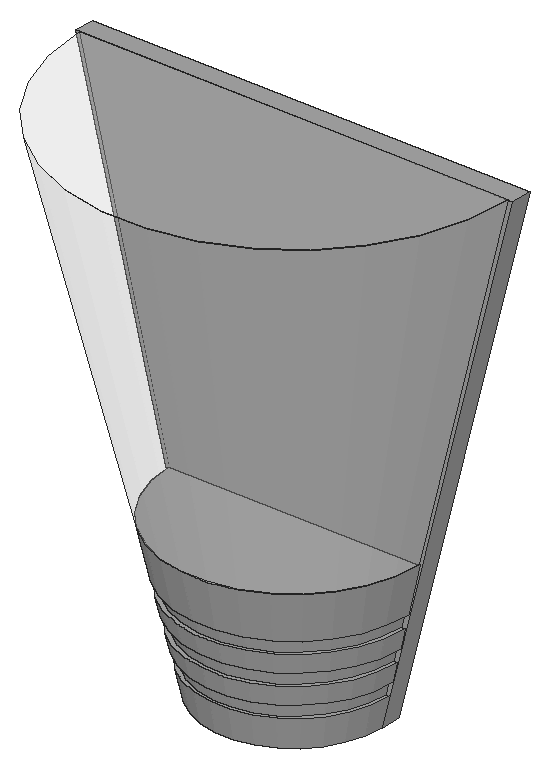
Revit family "Ray Wall LED - Generic", category Lighting Fixtures, Revit 2014
Parameters (values of type "Ray Wall LED")
  Wattage = 20 W
  WarrantyGuarantorParts = "n/a"
  WarrantyDurationParts = "n/a"
  WarrantyDescription = "n/a"
  built-in parameter 1150110 = 1 (stored number, unit not read)
  Version = "v.1.0"
  Uniclass2 = "Pr_70_70_49_43 Light-Emitting Diode (LED) Luminaires"
  Uniclass 1.4 = "JY73"
  URL = "http://riegens.com/ray-wall-led"
  TotalWattage = "Max. 20W"
  built-in parameter 1114217 = 1 (stored number, unit not read)
  Tilt Angle = 90.00°
  built-in parameter 1150109 = 1 (stored number, unit not read)
  built-in parameter 1150134 = (empty or 0)
  TagNumber = "n/a"
  SustainabilityPerformance = "n/a"
  built-in parameter 1150113 = 1 (stored number, unit not read)
  SupplyCircuitConductorConnections = "n/a"
  Size = "189 x 322 mm"
  Shape = "Semicircular"
  ProductInformation = "http://riegens.com/ray-wall-led"
  PhotometricPerformance = "In accordance with BS EN 13032-1"
  Photometric Web File = "RaY Wall 20W LED 3000K Opal IP54.ies"
  PhaseReference = "IEC recommendations"
  Optic = "Opal diffuser"
  NominalVoltage = "220-240V"
  ModelReference = "Ray Wall LED"
  Model = "Ray Wall LED"
  Material = "Aluminium and PC"
  ManufacturersSpecificInformation = "n/a"
  ManufacturerURL = "www.riegens.com"
  Manufacturer = "Riegens A/S"
  built-in parameter 1150105 = 79.577 (stored number, unit not read)
  Lumens = 1000 lm
  LuminaireType = "Outdoor Direct LED Luminaire"
  LuminairePowerFactor = ">0,9"
  built-in parameter 1150115 = 1 (stored number, unit not read)
  LightSource = "LED 3000K"
  LightFixturePlacingType = "Wall"
  LightFixtureMountingType = "Wall"
  built-in parameter 1150137 = (empty or 0)
  built-in parameter 1150139 = (empty or 0)
  LampType = "LED"
  LampRating = "20W"
  LampColourRenderingIndex = "Ra>70"
  built-in parameter 1150112 = 1 (stored number, unit not read)
  built-in parameter 1150114 = 1 (stored number, unit not read)
  InternalFuse = "Only required in emergency versions"
  InsulationStandardClass = "Class 1"
  built-in parameter 1150132 = (empty or 0)
  built-in parameter 1150102 = (empty or 0)
  built-in parameter 1150107 = 3000 (stored number, unit not read)
  built-in parameter 1150138 = (empty or 0)
  built-in parameter 1150106 = 0.79577 (stored number, unit not read)
  IfcExportType = "NOTDEFINED'"
  IfcExportAs = "IfcLightFixtureType'"
  IP_Code = "IP54"
  Height 1 = 381 mm
  HasProtectiveEarth = "TRUE"
  Grade = "n/a"
  Glass Width = 322 mm
  Frame Width = 132 mm
  Frame Depth = 189 mm
  Frame = Riegens_Aluminum_powder coated grey
  Fp2 = 160 mm
  Fp1 = 141 mm
  Finish = "Powder coated"
  Features = "n/a"
  built-in parameter 1150104 = 4.6452 (stored number, unit not read)
  Documentation = "See URL hyperlink"
  DocumentReference = "See URL hyperlink"
  Dimming Lamp Color Temperature Shift = <None>
  Description = "70-80-35 General Lighting Systems"
  ControlGearPosition = "Integrated "
  Constituents = "n/a"
  Colour = "Grey"
  Color Filter = 16777215
  CodePerformance = "n/a"
  CCSTopnode = "L"
  CCSClassName = "Belysningsarmatur"
  CCSClassCode = "UAC"
  BarCode = "n/a"
  BallastsCELMAEnergyEfficiencyIndex = "Class A1/A2"
  built-in parameter 1114218 = 1 (stored number, unit not read)
  BSAB 96 = "SNB.2"
  BIMObjectName = "Ray Wall LED.rfa"
  Author = "3dbyggeri"
  built-in parameter 1150133 = 10 (stored number, unit not read)
  AssetType = "Moveable/Fixed"
  AssetIdentifier = "n/a"
  ArticleNumber = "See URL hyperlink"
  Apparent Load = 240 VA
  AccessibilityPerformance = "n/a"
Reference planes
  plane 1 "Center (Front/Back)": y = 0
  plane 2: z = 0
  plane 3 "Center (Left/Right)": x = 0
  plane 4: z = 381
  plane 5: z = 248
  plane 6: z = 117
  plane 7: x = 66
  plane 8: x = -66
  plane 9: x = 161
  plane 10: x = -161
  plane 11: y = -14
  plane 12: y = -29
  plane 13: y = -89
Forms (mm)
  Blend 1, solid, material "Riegens_Polycarbonate_clear"
    base sketch origin (-125, 75, 248.468) x (1, 0, 0) y (0, 1, 0)
      loop
        arc (32.817, -104) -> (124.981, -196.164) -> (217.145, -104) r 92.164
        line (217.145, -104) -> (32.817, -104)
    top sketch origin (-125, 75, 248.468) x (1, 0, 0) y (0, 1, 0)
      loop
        arc (-32.906, -104) -> (125, -261.906) -> (282.906, -104) r 157.906
        line (282.906, -104) -> (-32.906, -104)
    from -131.468 to 132.532
  Extrusion 2, solid, material "Riegens_Aluminum_powder coated grey" <- "Frame"
    sketch origin (-125, 150, -2000) x (1, 0, 0) y (0, 0, 1)
      loop
        line (190.01, 2000) -> (285.906, 2381) -> (-35.906, 2381) -> (59.99, 2000) -> (190.01, 2000)
    from 164 to 179
  Revolve 3, solid, material "Riegens_Aluminum_powder coated grey"
    sketch origin (103.981, -29, -2000) x (-1, 0, 0) y (0, 0, 1)
      loop
        line (103.906, 2000) -> (168.24, 2000) -> (173.663, 2022.797) -> (170.913, 2022.797) -> (173.291, 2032.797) -> (176.042, 2032.797) -> (179.448, 2047.119) -> (176.698, 2047.119) -> (179.077, 2057.119) -> (181.827, 2057.119) -> (185.233, 2071.44) -> (182.483, 2071.44) -> (184.862, 2081.44) -> (187.612, 2081.44) -> (196.07, 2117) -> (103.906, 2117) -> (103.906, 2000)
      axis (103.906, 2000) -> (103.906, 2117)
    angle from 0 to 180
Dimensions and locks
  plane 4 to plane 2 = 381 mm
  plane 4 to plane 5 to plane 6 = 133 mm locked, 131 mm
  plane 6 to plane 2 = 117 mm
  equal spacing: plane 10, plane 3 "Center (Left/Right)", plane 9
  equal spacing: plane 7, plane 3 "Center (Left/Right)", plane 8
  "Frame Width": plane 7 to plane 8
  "Glass Width": plane 10 to plane 9
  locked: plane 1 "Center (Front/Back)" to plane 11 at 14
  locked: plane 11 to plane 12 at 15
  locked: plane 1 "Center (Front/Back)" to plane 13 at 89
  aligned and locked: level to plane 2
  aligned and locked: Blend 1 to plane 12
  aligned and locked: plane 6 to Blend 1
  aligned and locked: Blend 1 to plane 4
  aligned and locked: Extrusion 2 to plane 2
  aligned and locked: Extrusion 2 to plane 4
  aligned and locked: plane 12 to Extrusion 2
  aligned and locked: Extrusion 2 to plane 11
  aligned and locked: imposter light to plane 5
Automatic sketch dimensions
  Blend 1 sketch curve to plane 8 = 26.183 mm
  Blend 1 sketch curve to plane 3 "Center (Left/Right)" = 0.019 mm
  plane 12 to Blend 1 sketch curve = 0 mm  (x2)
  Blend 1 sketch curve to plane 3 "Center (Left/Right)" = 0 mm
  Blend 1 sketch curve to plane 10 = 3.094 mm
  plane 4 to Extrusion 2 sketch curve = 0 mm
  Extrusion 2 sketch curve to level = 0 mm
  plane 8 to Extrusion 2 sketch curve = 0.99 mm
  Extrusion 2 sketch curve to plane 10 = 0.094 mm
  Extrusion 2 sketch curve to plane 7 = 0.99 mm
  Extrusion 2 sketch curve to plane 9 = 0.094 mm
  Revolve 3 sketch curve to plane 10 = 161.075 mm  (x2)
  Revolve 3 sketch curve to Revolve 3 sketch curve = 64.334 mm
  Revolve 3 sketch curve to Revolve 3 sketch curve = 2.673 mm
  Revolve 3 sketch curve to Revolve 3 sketch curve = 2.379 mm  (x3)
  Revolve 3 sketch curve to Revolve 3 sketch curve = 2.75 mm  (x6)
  Revolve 3 sketch curve to Revolve 3 sketch curve = 0.656 mm  (x2)
  Revolve 3 sketch curve to Revolve 3 sketch curve = 8.458 mm
  plane 4 to Revolve 3 sketch curve = 381 mm
  Revolve 3 sketch curve to Revolve 3 sketch curve = 22.797 mm
  Revolve 3 sketch curve to Revolve 3 sketch curve = 10 mm  (x3)
  Revolve 3 sketch curve to Revolve 3 sketch curve = 14.321 mm  (x2)
  Revolve 3 sketch curve to Revolve 3 sketch curve = 35.56 mm
  Revolve 3 sketch curve to Revolve 3 sketch curve = 0 mm
  Revolve 3 sketch curve to Revolve 3 sketch curve = 264 mm
